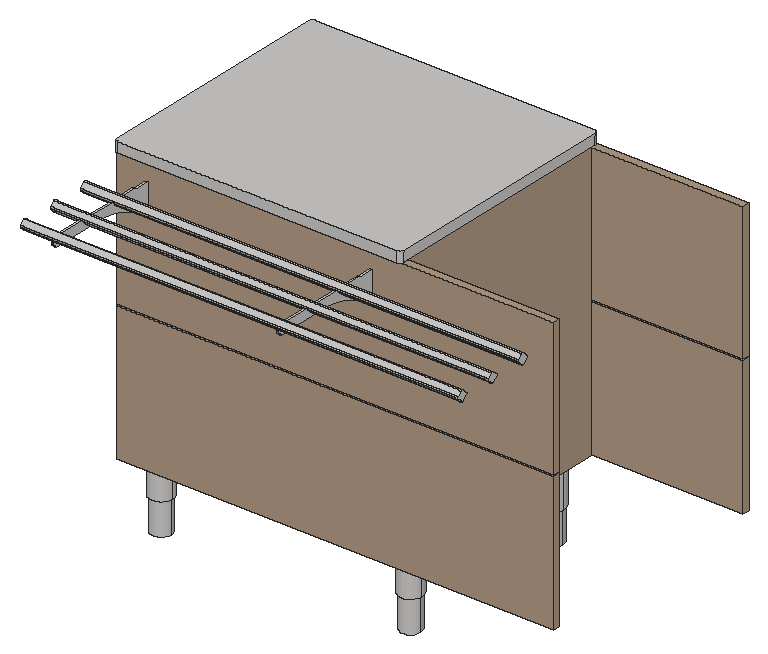
Revit family "QF_ELECTROLUXPROFESSIONAL_322111_F30N0AF00W", category Specialty Equipment, Revit 2018
Family settings
  Round Connector Dimension = Use Diameter
  Part Type = Normal
  Work Plane-Based = No
  Always vertical = Yes
  Cut with Voids When Loaded = No
  Shared = No
  Room Calculation Point = No
Parameters (values of type "Standard")
  Weight = 66.00 kg
  Watts = 0 W
  Volts = 0 V
  URL Manufacturer = "http://professional.electrolux.com"
  URL = "http://professional.electrolux.com"
  Steam Supply Size = 0 mm
  Steam Supply Minimum Pressure = 0.0 Pa
  Steam Supply Maximum Pressure = 0.0 Pa
  Steam Pounds per Hour = 0
  Show Clearance [instance] = yes
  Refrigeration Suction Line Size = 0 mm
  Refrigeration Liquid Line Size = 0 mm
  Refrigerant Compressor Remote = yes
  Manufacturer = "Electrolux Professional"
  Phase = 0
  Model = "F30N0AF00W"
  Length Actual = 1100 mm  # constant formula
  Item Number = "322111"
  Hot Water Size = 0 mm
  Height Actual = 900 mm  # constant formula
  HP = "0 HP"
  Gas Size = 0 mm
  Gas KW = 0
  Gas Input Pressure = 0 W
  Direct Waste Size = 0 mm
  Description = "CASHIER UNIT H=900MM"
  Depth Actual = 915 mm  # constant formula
  Cycle = 0 Hz
  Condensate Return Size = 0 mm
  Compressed Air Volume = 0.0 L/s
  Compressed Air Size = 0 mm
  Compressed Air Pressure = 0.0 Pa
  Cold Water Size = 0 mm
  Accessory = yes
Types (2, lengths in mm): name | URL | Manufacturer | Model | Description
  (no name) | 0 | 0 | 0 | 0
  Standard | "http://professional.electrolux.com" | "Electrolux Professional" | "F30N0AF00W" | "CASHIER UNIT H=900MM"
Values of the unnamed type that differ from the named types
  URL Manufacturer = ""
  Item Number = ""
  HP = ""
Reference planes
  plane 1 "Centro (Fronte/Retro)": y = 74.737
  plane 2: z = 0
  plane 3 "BACK": y = 384.737
  plane 4 "FRONT": y = -235.263
  plane 5: z = 900
  plane 6 "RIGHT": x = 35.731
  plane 7 "LEFT": x = -1064.269
  plane 8: x = -514.269
  plane 9: y = 664.737
  plane 10: y = -515.263
  plane 11: z = 179
  plane 12: z = 1304
  plane 13: z = 1222
  plane 14: y = 316.737
  plane 15: x = -986.269
  plane 16: x = -42.269
  plane 17: x = -1060.269
  plane 18: y = -231.263
  plane 19: x = 31.731
  plane 20: y = 380.737
  plane 21: z = 874
  plane 22: y = 362.737
  plane 23: y = -213.263
  plane 24: z = 182
  plane 25: z = 527
  plane 26: z = 531
  plane 27: x = -143.269
  plane 28: x = -885.269
  plane 29: x = -344.269
Forms (mm)
  Extrusion 1, solid, material "QF_Finishes_Wood"
    sketch origin (0, 0, 0) x (1, 0, 0) y (0, 1, 0)
      loop
        line (-1060.269, 362.737) -> (-1060.269, -213.263) -> (-344.269, -213.263) -> (-344.269, 362.737) -> (-1060.269, 362.737)
    from 179 to 874
  Extrusion 2, solid, material "QF_Finishes_Wood"
    sketch origin (-344.269, 362.737, 0) x (0, -1, 0) y (0, 0, -1)
      loop
        line (576, -182) -> (576, -527) -> (594, -527) -> (594, -182) -> (576, -182)
      loop
        line (576, -531) -> (576, -874) -> (594, -874) -> (594, -531) -> (576, -531)
    from 380 to -716
  Extrusion 3, solid, material "QF_Finishes_Stainless Steel"
    sketch origin (0, 0, 0) x (1, 0, 0) y (0, 1, 0)
      loop
        arc (-1054.269, 384.737) -> (-1061.34, 381.808) -> (-1064.269, 374.737) r 10
        line (-1064.269, 374.737) -> (-1064.269, -225.263)
        arc (-1064.269, -225.263) -> (-1061.34, -232.334) -> (-1054.269, -235.263) r 10
        line (-1054.269, -235.263) -> (-354.269, -235.263)
        arc (-354.269, -235.263) -> (-347.198, -232.334) -> (-344.269, -225.263) r 10
        line (-344.269, -225.263) -> (-344.269, 374.737)
        arc (-344.269, 374.737) -> (-347.198, 381.808) -> (-354.269, 384.737) r 10
        line (-354.269, 384.737) -> (-1054.269, 384.737)
    from 874 to 900
  Extrusion 4, solid, material "QF_Finishes_Stainless Steel"
    sketch origin (-424.769, 362.737, 0) x (0, -1, 0) y (0, 0, -1)
      loop
        arc (628.84, -832.7) -> (632.082, -833.911) -> (635.519, -834.32) r 14.5
        line (635.519, -834.32) -> (675.715, -834.32) -> (689.858, -820.177) -> (704, -834.32) -> (770.715, -834.32) -> (784.858, -820.177) -> (799, -834.32) -> (865.716, -834.32) -> (879.858, -820.177) -> (887.686, -828.005) -> (887.686, -821.352)
        arc (887.686, -821.352) -> (887.303, -819.435) -> (886.214, -817.81) r 4.999
        line (886.214, -817.81) -> (881.179, -812.776)
        arc (881.179, -812.776) -> (879.559, -811.698) -> (877.651, -811.32) r 5
        line (877.651, -811.32) -> (732.206, -811.32)
        arc (732.206, -811.32) -> (708.662, -809.221) -> (685.86, -802.991) r 133.106
        line (685.86, -802.991) -> (638.285, -785.32) -> (597.679, -770.12) -> (594, -770.12) -> (594, -832.7) -> (628.84, -832.7)
    from 0 to 5
  Extrusion 5, solid, material "QF_Finishes_Stainless Steel"
    sketch origin (-988.769, 362.737, 0) x (0, -1, 0) y (0, 0, -1)
      loop
        arc (628.84, -832.7) -> (632.082, -833.911) -> (635.519, -834.32) r 14.5
        line (635.519, -834.32) -> (675.715, -834.32) -> (689.858, -820.177) -> (704, -834.32) -> (770.715, -834.32) -> (784.858, -820.177) -> (799, -834.32) -> (865.716, -834.32) -> (879.858, -820.177) -> (887.686, -828.005) -> (887.686, -821.352)
        arc (887.686, -821.352) -> (887.303, -819.435) -> (886.214, -817.81) r 4.999
        line (886.214, -817.81) -> (881.179, -812.776)
        arc (881.179, -812.776) -> (879.559, -811.698) -> (877.651, -811.32) r 5
        line (877.651, -811.32) -> (732.206, -811.32)
        arc (732.206, -811.32) -> (708.662, -809.221) -> (685.86, -802.991) r 133.106
        line (685.86, -802.991) -> (638.285, -785.32) -> (597.679, -770.12) -> (594, -770.12) -> (594, -832.7) -> (628.84, -832.7)
    from 0 to 5
  Extrusion 6, solid, material "QF_Finishes_Stainless Steel"
    sketch origin (-133.269, 362.737, 0) x (0, -1, 0) y (0, 0, -1)
      loop
        line (881.983, -846.337) -> (891.875, -836.445)
        arc (891.875, -836.445) -> (892.757, -834.322) -> (891.879, -832.198) r 3
        line (891.879, -832.198) -> (881.979, -822.299)
        arc (881.979, -822.299) -> (879.858, -821.42) -> (877.737, -822.299) r 3
        line (877.737, -822.299) -> (867.837, -832.198)
        arc (867.837, -832.198) -> (866.958, -834.32) -> (867.837, -836.441) r 3
        line (867.837, -836.441) -> (877.737, -846.34)
        arc (877.737, -846.34) -> (879.86, -847.219) -> (881.983, -846.337) r 3
      loop
        line (786.979, -846.34) -> (796.879, -836.441)
        arc (796.879, -836.441) -> (797.757, -834.32) -> (796.879, -832.198) r 3
        line (796.879, -832.198) -> (786.979, -822.299)
        arc (786.979, -822.299) -> (784.858, -821.42) -> (782.737, -822.299) r 3
        line (782.737, -822.299) -> (772.837, -832.198)
        arc (772.837, -832.198) -> (771.958, -834.317) -> (772.833, -836.437) r 3
        line (772.833, -836.437) -> (782.741, -846.345)
        arc (782.741, -846.345) -> (784.861, -847.219) -> (786.979, -846.34) r 3
      loop
        line (691.976, -846.343) -> (701.882, -836.438)
        arc (701.882, -836.438) -> (702.757, -834.318) -> (701.879, -832.198) r 3
        line (701.879, -832.198) -> (691.979, -822.299)
        arc (691.979, -822.299) -> (689.858, -821.42) -> (687.737, -822.299) r 3
        line (687.737, -822.299) -> (677.837, -832.198)
        arc (677.837, -832.198) -> (676.958, -834.32) -> (677.837, -836.441) r 3
        line (677.837, -836.441) -> (687.737, -846.34)
        arc (687.737, -846.34) -> (689.856, -847.219) -> (691.976, -846.343) r 3
    from 169 to -931
  Extrusion 7, solid, material "QF_Finishes_Wood"
    sketch origin (-344.269, -213.263, 0) x (0, 1, 0) y (0, 0, 1)
      loop
        line (576, 182) -> (594, 182) -> (594, 527) -> (576, 527) -> (576, 182)
      loop
        line (576, 531) -> (594, 531) -> (594, 874) -> (576, 874) -> (576, 531)
    from 380 to -716
Lines and regions (mm)
  symbolic lines
    curve 1: line (35.731, -515.263, 0) -> (-1064.269, -515.263, 0)
    curve 2: line (-1064.269, -515.263, 0) -> (-1064.269, -235.263, 0)
    curve 3: line (-1054.269, 384.737, 0) -> (-354.269, 384.737, 0)
    curve 4: line (-1064.269, -235.263, 0) -> (35.731, -235.263, 0)
    curve 5: line (-344.269, 374.737, 0) -> (-344.269, -225.263, 0)
    curve 6: line (35.731, -235.263, 0) -> (35.731, -515.263, 0)
    curve 7: line (-1064.269, -225.263, 0) -> (-1064.269, 374.737, 0)
    curve 8: arc (-1064.269, -225.263, 0) -> (-1061.34, -232.334, 0) -> (-1054.269, -235.263, 0) r 10
    curve 9: arc (-1064.269, 374.737, 0) -> (-1061.34, 381.808, 0) -> (-1054.269, 384.737, 0) r 10
    curve 10: arc (-354.269, 384.737, 0) -> (-347.198, 381.808, 0) -> (-344.269, 374.737, 0) r 10
    curve 11: arc (-354.269, -235.263, 0) -> (-347.198, -232.334, 0) -> (-344.269, -225.263, 0) r 10
Dimensions and locks
  plane 7 "LEFT" to plane 6 "RIGHT" = 1100 mm
  equal spacing: plane 3 "BACK", plane 1 "Centro (Fronte/Retro)", plane 4 "FRONT"
  plane 3 "BACK" to plane 4 "FRONT" = 620 mm
  equal spacing: plane 7 "LEFT", plane 8, plane 6 "RIGHT"
  locked: plane 9 to plane 3 "BACK" at 280
  locked: plane 4 "FRONT" to plane 10 at 280
  plane 11 to plane 2 = 179 mm
  locked: plane 5 to plane 2 at 900
  locked: plane 12 to plane 2 at 1304
  locked: plane 13 to plane 2 at 1222
  locked: plane 3 "BACK" to plane 14 at 68
  locked: plane 7 "LEFT" to plane 15 at 78
  locked: plane 16 to plane 6 "RIGHT" at 78
  locked: plane 3 "BACK" to plane 20 at 4
  locked: plane 7 "LEFT" to plane 17 at 4
  locked: plane 19 to plane 6 "RIGHT" at 4
  locked: plane 18 to plane 4 "FRONT" at 4
  locked: plane 5 to plane 21 at 26
  locked: plane 23 to plane 18 at 18
  locked: plane 20 to plane 22 at 18
  locked: plane 19 to plane 27 at 175
  locked: plane 28 to plane 17 at 175
  plane 9 to plane 10 = 1180 mm
  plane 6 "RIGHT" to plane 16 = 78 mm
  plane 15 to plane 7 "LEFT" = 78 mm
  plane 7 "LEFT" to plane 29 to plane 6 "RIGHT" = 720 mm, 380 mm
  aligned and locked: level to plane 2
  aligned and locked: Extrusion 1 sketch curve to plane 22
  aligned and locked: plane 17 to Extrusion 1 sketch curve
  aligned and locked: plane 23 to Extrusion 1 sketch curve
  aligned and locked: plane 21 to Extrusion 1
  aligned and locked: Extrusion 1 to plane 11
  aligned and locked: plane 24 to Extrusion 2 sketch curve
  aligned and locked: Extrusion 2 sketch curve to plane 23  (x2)
  aligned and locked: Extrusion 2 sketch curve to plane 25
  aligned and locked: plane 18 to Extrusion 2 sketch curve  (x2)
  aligned and locked: plane 26 to Extrusion 2 sketch curve
  aligned and locked: Extrusion 2 sketch curve to plane 21
  aligned and locked: Extrusion 3 sketch curve to plane 3 "BACK"
  aligned and locked: plane 7 "LEFT" to Extrusion 3 sketch curve
  aligned and locked: plane 4 "FRONT" to Extrusion 3 sketch curve
  aligned and locked: Extrusion 3 to plane 21
  aligned and locked: Extrusion 3 sketch curve to plane 29
  aligned and locked: Extrusion 1 sketch curve to plane 29
  aligned and locked: curve 5 to plane 29
Automatic sketch dimensions
  plane 17 to Extrusion 3 sketch curve = 6 mm  (x2)
  Extrusion 3 sketch curve to plane 29 = 10 mm  (x2)
  Extrusion 4 sketch curve to plane 18 = 0 mm
  plane 4 "FRONT" to Extrusion 4 sketch curve = 0.321 mm
  Extrusion 4 sketch curve to plane 4 "FRONT" = 30.84 mm
  Extrusion 4 sketch curve to Extrusion 4 sketch curve = 6.66 mm
  Extrusion 4 sketch curve to Extrusion 4 sketch curve = 6.678 mm
  Extrusion 4 sketch curve to Extrusion 4 sketch curve = 2.785 mm
  Extrusion 4 sketch curve to Extrusion 4 sketch curve = 40.197 mm
  Extrusion 4 sketch curve to Extrusion 4 sketch curve = 10.145 mm
  Extrusion 4 sketch curve to Extrusion 4 sketch curve = 3.998 mm
  Extrusion 4 sketch curve to plane 21 = 39.68 mm  (x2)
  Extrusion 4 sketch curve to Extrusion 4 sketch curve = 14.142 mm  (x3)
  Extrusion 4 sketch curve to Extrusion 4 sketch curve = 28.206 mm
  Extrusion 4 sketch curve to Extrusion 4 sketch curve = 38.51 mm
  Extrusion 4 sketch curve to Extrusion 4 sketch curve = 14.143 mm
  plane 10 to Extrusion 4 sketch curve = 12.284 mm
  plane 10 to Extrusion 4 sketch curve = 0.349 mm
  Extrusion 4 sketch curve to plane 10 = 1.858 mm
  Extrusion 4 sketch curve to plane 10 = 3.179 mm
  Extrusion 4 sketch curve to Extrusion 4 sketch curve = 2.829 mm
  Extrusion 4 sketch curve to Extrusion 4 sketch curve = 3.528 mm
  Extrusion 4 sketch curve to Extrusion 4 sketch curve = 4.999 mm
  Extrusion 4 sketch curve to Extrusion 4 sketch curve = 0 mm  (x2)
  Extrusion 4 sketch curve to Extrusion 4 sketch curve = 1.62 mm
  Extrusion 4 sketch curve to Extrusion 4 sketch curve = 6.314 mm
  Extrusion 4 sketch curve to Extrusion 4 sketch curve = 6.653 mm
  Extrusion 4 sketch curve to Extrusion 4 sketch curve = 1.175 mm
  Extrusion 4 sketch curve to Extrusion 4 sketch curve = 3.858 mm
  Extrusion 4 sketch curve to Extrusion 4 sketch curve = 3.543 mm
  Extrusion 4 sketch curve to Extrusion 4 sketch curve = 23 mm
  Extrusion 4 sketch curve to Extrusion 4 sketch curve = 17.187 mm
  Extrusion 4 sketch curve to Extrusion 4 sketch curve = 34.499 mm
  Extrusion 4 sketch curve to Extrusion 4 sketch curve = 15.2 mm
  Extrusion 5 sketch curve to plane 18 = 0 mm
  plane 4 "FRONT" to Extrusion 5 sketch curve = 0.321 mm
  Extrusion 5 sketch curve to plane 4 "FRONT" = 30.84 mm
  Extrusion 5 sketch curve to Extrusion 5 sketch curve = 6.66 mm
  Extrusion 5 sketch curve to Extrusion 5 sketch curve = 6.678 mm
  Extrusion 5 sketch curve to Extrusion 5 sketch curve = 2.785 mm
  Extrusion 5 sketch curve to Extrusion 5 sketch curve = 40.197 mm
  Extrusion 5 sketch curve to Extrusion 5 sketch curve = 10.145 mm
  Extrusion 5 sketch curve to Extrusion 5 sketch curve = 3.998 mm
  Extrusion 5 sketch curve to plane 21 = 39.68 mm  (x2)
  Extrusion 5 sketch curve to Extrusion 5 sketch curve = 14.142 mm  (x3)
  Extrusion 5 sketch curve to Extrusion 5 sketch curve = 28.206 mm
  Extrusion 5 sketch curve to Extrusion 5 sketch curve = 38.51 mm
  Extrusion 5 sketch curve to Extrusion 5 sketch curve = 14.143 mm
  plane 10 to Extrusion 5 sketch curve = 12.284 mm
  plane 10 to Extrusion 5 sketch curve = 0.349 mm
  Extrusion 5 sketch curve to plane 10 = 1.858 mm
  Extrusion 5 sketch curve to plane 10 = 3.179 mm
  Extrusion 5 sketch curve to Extrusion 5 sketch curve = 2.829 mm
  Extrusion 5 sketch curve to Extrusion 5 sketch curve = 3.528 mm
  Extrusion 5 sketch curve to Extrusion 5 sketch curve = 4.999 mm
  Extrusion 5 sketch curve to Extrusion 5 sketch curve = 0 mm  (x2)
  Extrusion 5 sketch curve to Extrusion 5 sketch curve = 1.62 mm
  Extrusion 5 sketch curve to Extrusion 5 sketch curve = 6.314 mm
  Extrusion 5 sketch curve to Extrusion 5 sketch curve = 6.653 mm
  Extrusion 5 sketch curve to Extrusion 5 sketch curve = 1.175 mm
  Extrusion 5 sketch curve to Extrusion 5 sketch curve = 3.858 mm
  Extrusion 5 sketch curve to Extrusion 5 sketch curve = 3.543 mm
  Extrusion 5 sketch curve to Extrusion 5 sketch curve = 23 mm
  Extrusion 5 sketch curve to Extrusion 5 sketch curve = 17.187 mm
  Extrusion 5 sketch curve to Extrusion 5 sketch curve = 34.499 mm
  Extrusion 5 sketch curve to Extrusion 5 sketch curve = 15.2 mm
  Extrusion 6 sketch curve to plane 21 = 39.68 mm
  Extrusion 6 sketch curve to plane 4 "FRONT" = 81.958 mm
  Extrusion 6 sketch curve to Extrusion 6 sketch curve = 9.899 mm  (x7)
  Extrusion 6 sketch curve to plane 21 = 27.657 mm
  Extrusion 6 sketch curve to Extrusion 6 sketch curve = 2.118 mm  (x3)
  Extrusion 6 sketch curve to plane 21 = 37.562 mm
  Extrusion 6 sketch curve to Extrusion 6 sketch curve = 2.124 mm  (x2)
  Extrusion 6 sketch curve to plane 21 = 37.563 mm
  Extrusion 6 sketch curve to Extrusion 6 sketch curve = 70.951 mm
  Extrusion 6 sketch curve to plane 21 = 41.802 mm  (x2)
  Extrusion 6 sketch curve to Extrusion 6 sketch curve = 0.004 mm  (x2)
  Extrusion 6 sketch curve to Extrusion 6 sketch curve = 2.126 mm
  Extrusion 6 sketch curve to plane 21 = 27.655 mm
  Extrusion 6 sketch curve to Extrusion 6 sketch curve = 9.908 mm
  Extrusion 6 sketch curve to Extrusion 6 sketch curve = 2.117 mm
  Extrusion 6 sketch curve to Extrusion 6 sketch curve = 9.9 mm  (x2)
  Extrusion 6 sketch curve to plane 21 = 27.66 mm  (x3)
  Extrusion 6 sketch curve to Extrusion 6 sketch curve = 2.121 mm  (x20)
  Extrusion 6 sketch curve to plane 21 = 37.559 mm  (x2)
  plane 10 to Extrusion 6 sketch curve = 10.163 mm
  Extrusion 6 sketch curve to Extrusion 6 sketch curve = 0 mm  (x14)
  plane 10 to Extrusion 6 sketch curve = 0.263 mm  (x2)
  Extrusion 6 sketch curve to plane 10 = 1.858 mm  (x2)
  Extrusion 6 sketch curve to Extrusion 6 sketch curve = 2.125 mm  (x2)
  Extrusion 6 sketch curve to plane 10 = 11.757 mm
  Extrusion 6 sketch curve to Extrusion 6 sketch curve = 9.892 mm
  Extrusion 7 sketch curve to Extrusion 1 = 0 mm  (x2)
  Extrusion 1 to Extrusion 7 sketch curve = 0 mm
  Extrusion 7 sketch curve to Extrusion 7 sketch curve = 18 mm  (x2)
  Extrusion 1 to Extrusion 7 sketch curve = 3 mm
  Extrusion 7 sketch curve to Extrusion 7 sketch curve = 345 mm
  Extrusion 7 sketch curve to Extrusion 7 sketch curve = 4 mm
  curve 7 to plane 7 "LEFT" = 0 mm
  curve 1 to plane 7 "LEFT" = 0 mm
  curve 9 to plane 3 "BACK" = 0 mm
  curve 8 to plane 4 "FRONT" = 0 mm
  curve 6 to plane 6 "RIGHT" = 0 mm
  curve 1 to plane 10 = 0 mm
  plane 17 to curve 3 = 6 mm
  plane 17 to curve 8 = 6 mm
  curve 10 to plane 20 = 6 mm
  plane 18 to curve 11 = 6 mm
Nested families
  nested 1: "Foot_Ø50_H179" at (-1015.369, -148.263, 0), type "Foot_Ø50_H179"
  nested 2: "Foot_Ø50_H179" at (-1015.369, 297.737, 0), type "Foot_Ø50_H179"
  nested 3: "Foot_Ø50_H179" at (-389.169, -148.263, 0) x (-1, 0, 0) z (0, 0, 1), type "Foot_Ø50_H179"
  nested 4: "Foot_Ø50_H179" at (-389.169, 297.737, 0) x (-1, 0, 0) z (0, 0, 1), type "Foot_Ø50_H179"
Definition of nested family "Foot_Ø50_H179"
  Reference planes
    plane 1 "Centro (Fronte/Retro)": y = 0
    plane 2: z = 0
    plane 3 "Centro (Sinistra/Destra)": x = 0
    plane 4: z = 179
  Forms (mm)
    Revolve 1, solid
      sketch origin (255.05, 0, 608.09) x (0, 0, 1) y (-1, 0, 0)
        loop
          line (-608.09, 255.05) -> (-608.09, 230.05) -> (-526.09, 230.05) -> (-526.09, 226.05) -> (-429.09, 226.05) -> (-429.09, 255.05) -> (-608.09, 255.05)
        axis (-608.09, 255.05) -> (-429.09, 255.05)
      angle from 0 to 360
  Dimensions and locks
    Revolve 1 sketch curve to Revolve 1 sketch curve = 97 mm
    aligned and locked: level to plane 2
    aligned and locked: plane 4 to Revolve 1 sketch curve
    aligned and locked: Revolve 1 sketch curve to level
    aligned and locked: plane 3 "Centro (Sinistra/Destra)" to Revolve 1 sketch curve
